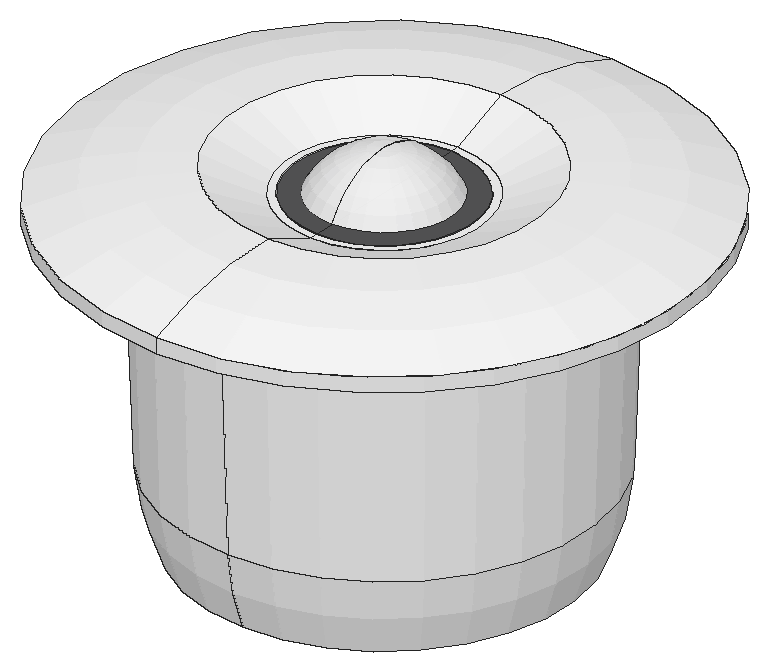
Revit family "Zumtobel basicDIM ILD G2 SRC 20 4DPI WDA", category Lighting Devices, host Face, Revit 2023
Family settings
  Host = Face
  Round Connector Dimension = Use Diameter
  Part Type = Normal
  OmniClass Number = 23.85.80.11.27
  OmniClass Title = Lighting Controls
  Cut with Voids When Loaded = Yes
  Maintain Annotation Orientation = No
  Shared = No
  Room Calculation Point = Yes
Parameters (values of type "basicDIM ILD G2 SRC 20 4DPI WDA WH")
  Type Image = basicDIM ILD G2 SRC 20 4DPI.jpg
  Material-Housing = ZG-Lighting Fixtures-Plastic-White_RGB 255 255 255
  URL = "https://www.zumtobel.com/com-en/products/basic-dimlite.html?&GUID=373D84C3-5C3E-4741-83BA-8D8CC2FA3E57#Sensor"
  Type Comments = ""
  Model = "28004641"
  Manufacturer = "Zumtobel Lighting"  # constant formula
  Description = "Motion Sensor"
  Default Elevation = 0 mm
  Assembly Code = "D5030800"
Reference planes
  plane 1 "Center (Front/Back)": y = 0
  plane 2: z = 0
  plane 3 "Center (Left/Right)": x = 0
Forms (mm)
  Revolve 1, solid, material "ZG-Lighting Fixtures-Plastic-White_RGB 255 255 255" <- "Material-Housing"
    sketch origin (0, 0, 0) x (0, 1, 0) y (0, 0, 1)
      loop
        line (26.5, 0) -> (37, 0) -> (37, 1.78)
        arc (37, 1.78) -> (28.201, 4.612) -> (19, 5.5) r 43.04
        line (19, 5.5) -> (12, 2.5) -> (11, 2.5) -> (11, 0) -> (0, 0) -> (0, -43)
        arc (0, -43) -> (11.769, -41.736) -> (23, -38) r 55.4
        arc (23, -38) -> (24.637, -33.352) -> (25.5, -28.5) r 30.338
        arc (25.5, -28.5) -> (26.425, -14.265) -> (26.5, 0) r 239.243
      axis (0, -43) -> (0, 5.5)
    angle from 0 to 360
  Extrusion 2, void
    sketch origin (0, 0, 0) x (1, 0, 0) y (0, 1, 0)
      loop
        circle (0, 0) r 28
    from -100 to 10
  Revolve 3, solid, material "ZG-Lighting Fixtures-Plastic-Translucent-White_RGB 255 255 255"
    sketch origin (0, 0, 0) x (0, 1, 0) y (0, 0, 1)
      loop
        arc (8.5, 2.5) -> (4.982, 6.297) -> (0, 7.7) r 9.547
        line (0, 7.7) -> (0, 2.5) -> (8.5, 2.5)
      axis (0, 7.7) -> (0, 2.5)
    angle from 0 to 360
  Revolve 4, solid, material "ZG-Lighting Fixtures-Plastic-Black_RGB 25 25 27"
    sketch origin (0, 0, 0) x (0, 1, 0) y (0, 0, 1)
      loop
        line (11, 2.5) -> (0, 2.5) -> (0, 0) -> (11, 0) -> (11, 2.5)
      axis (0, 2.5) -> (0, 0)
    angle from 0 to 360
Lines and regions (mm)
  Filled region 1, type "White"
    outline origin (0, 0, 0) x (1, 0, 0) y (0, 1, 0)
      loop
        circle (0, 0) r 37
      loop
        circle (0, 0) r 8.5
  Filled region 2, type "White"
    outline origin (0, 0, 0) x (1, 0, 0) y (0, 1, 0)
      loop
        circle (0, 0) r 8.5
  model lines, style "InvisibleLines"
    curve 1: line (-150, 0, 0) -> (150, 0, 0)
    curve 2: line (0, -150, 0) -> (0, 150, 0)
Dimensions and locks
  aligned and locked: plane 2 to host face
  aligned and locked: level to host face
  aligned and locked: plane 1 "Center (Front/Back)" to curve 1
  aligned and locked: plane 3 "Center (Left/Right)" to curve 2
Connectors
  electrical at (0, 0, 0)
    settings: index 1, voltage 230 V, apparent load 2 VA, apparent load phase1 0 VA, apparent load phase2 0 VA, apparent load phase3 0 VA, power factor 1, load classification "Lighting", number of poles 1, system type 30, power factor state 1, is connector primary yes, connector utility no, sub classification motor no, connector description ""
